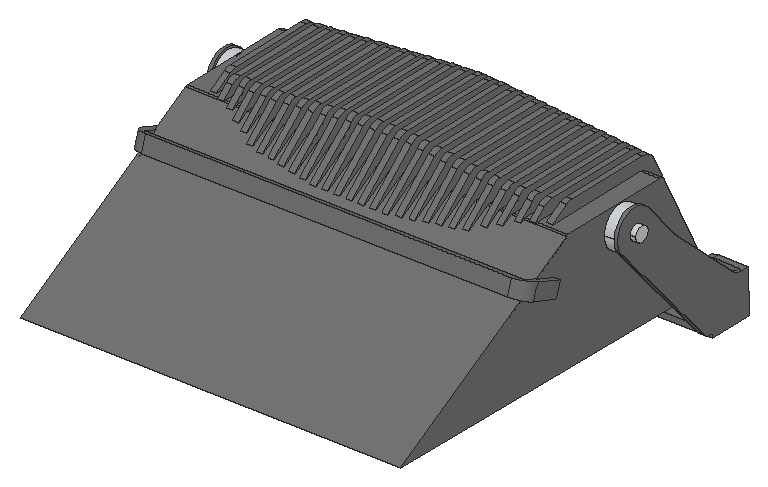
Revit family "Thorn CHAMPION", category Lighting Fixtures, host Face, Revit 2016
Family settings
  Host = Face
  Part Type = Normal
  Round Connector Dimension = Use Diameter
  OmniClass Number = 23.80.70.11
  OmniClass Title = Luminaries for Internal Lighting
  Cut with Voids When Loaded = No
  Light Source = Yes
  Shared = No
  Room Calculation Point = No
Parameters (values of type "CHAMPION 264L-740 V2 VSR ANT")
  Width = 692.00 mm
  Wattage = 778.238 W
  built-in parameter 1150110 = 1 (stored number, unit not read)
  Voltage = 230 V  # constant formula
  URL = "http://www.thornlighting.com/96633216"
  Type Comments = "© Thorn. We reserve the right to make technical changes without prior notice."  # constant formula
  built-in parameter 1114217 = 1 (stored number, unit not read)
  Tilt Angle = 0.00°
  built-in parameter 1150109 = 1 (stored number, unit not read)
  built-in parameter 1150134 = 12
  built-in parameter 1150113 = 1 (stored number, unit not read)
  Reflector [instance] = ZG_Reflector_SI
  Photometric Web File = "96633216_(1200mA).IES"
  Model = "96633216"
  Manufacturer = "Thorn Lighting"  # constant formula
  built-in parameter 1150105 = 232358 (stored number, unit not read)
  Lumens = 115601 lm
  built-in parameter 1150115 = 1 (stored number, unit not read)
  built-in parameter 1150137 = (empty or 0)
  built-in parameter 1150139 = (empty or 0)
  Length = 707.00 mm
  built-in parameter 1150112 = 1 (stored number, unit not read)
  built-in parameter 1150114 = 1 (stored number, unit not read)
  Lamp = "LED"
  built-in parameter 1150132 = 2
  built-in parameter 1150102 = (empty or 0)
  built-in parameter 1150107 = 4000 (stored number, unit not read)
  built-in parameter 1150138 = (empty or 0)
  built-in parameter 1150106 = 2323.6 (stored number, unit not read)
  Height = 309.00 mm
  built-in parameter 1150104 = 13.8 (stored number, unit not read)
  Dimming Lamp Color Temperature Shift = <None>
  Description = "LED flootlight"  # constant formula
  Color Filter = 16777215
  Body [instance] = ZG_Metal_Black
  built-in parameter 1114218 = 1 (stored number, unit not read)
  built-in parameter 1150133 = 10 (stored number, unit not read)
  Apparent Load = 939 VA
  Default Elevation = 0.00 mm
  Assembly Code = "D5020200"
Types (4, lengths in mm): name | Width | Wattage | URL | Photometric Web File | Model | built-in parameter 1150105 | Lumens | built-in parameter 1150106 | Height
  CHAMPION 264L-740 V2 VSR ANT | 692.00 | 778.238 W | "http://www.thornlighting.com/96633216" | "96633216_(1200mA).IES" | "96633216" | 232358 (stored number, unit not read) | 115601 lm | 2323.6 (stored number, unit not read) | 309.00
  CHAMPION 264L-740 V1 VSP ANT | 688.00 | 758.735 W | "http://www.thornlighting.com/92917406" | "92917406_(1200mA).IES" | "92917406" | 226535 (stored number, unit not read) | 112704 lm | 2265.4 (stored number, unit not read) | 315.00
  CHAMPION 264L-740 V2 VSP ANT | 688.00 | 744.806 W | "http://www.thornlighting.com/96633302" | "96633302_(1200mA).IES" | "96633302" | 228870.6 (stored number, unit not read) | 110635 lm | 2288.7 (stored number, unit not read) | 315.00
  CHAMPION 264L-740 V3 VSP ANT | 694.00 | 738.31 W | "http://www.thornlighting.com/96633301" | "96633301_(1200mA).IES" | "96633301" | 229484.5 (stored number, unit not read) | 109670 lm | 2294.8 (stored number, unit not read) | 315.00
Reference planes
  plane 1: z = 0
  plane 2 "Center (Left/Right)": x = 0
  plane 3 "Rotation Axis": y = 0
  plane 4: z = 229.335
  plane 5 "Left": x = -353.5
  plane 6 "Right": x = 353.5
  plane 7 "Center (Front/Back)": y = 197.613
  plane 8 "Light Source Axis H": z = 63.955
  plane 9 "Light Source Axis V": y = -138.422
Forms (mm)
  Extrusion 1, solid, material "ZG_Metal_Black" <- "Body"
    sketch origin (-353.5, 0, 0) x (0, 1, 0) y (0, 0, 1)
      loop
        line (224.72, 10) -> (224.72, 73.353) -> (222.098, 73.353)
        arc (222.098, 73.353) -> (211.372, 75.336) -> (202.065, 81.022) r 30
        line (202.065, 81.022) -> (82.024, 188.71)
        arc (82.024, 188.71) -> (79.638, 190.997) -> (77.407, 193.438) r 50
        line (77.407, 193.438) -> (24.956, 254.792)
        arc (24.956, 254.792) -> (-25.108, 255.613) -> (-27.57, 205.602) r 36.001
        line (-27.57, 205.602) -> (139.65, 14.87)
        arc (139.65, 14.87) -> (148.129, 8.58) -> (158.448, 6.351) r 25
        line (158.448, 6.351) -> (160.506, 6.351) -> (160.506, 10) -> (224.72, 10)
    from 11 to 17
  Extrusion 2, solid, material "ZG_Metal_Black" <- "Body"
    sketch origin (353.5, 0, 0) x (0, 1, 0) y (0, 0, -1)
      loop
        line (224.72, -10) -> (160.506, -10) -> (160.506, -6.351) -> (158.448, -6.351)
        arc (158.448, -6.351) -> (148.129, -8.58) -> (139.65, -14.87) r 25
        line (139.65, -14.87) -> (-27.57, -205.602)
        arc (-27.57, -205.602) -> (-25.108, -255.613) -> (24.956, -254.792) r 36.001
        line (24.956, -254.792) -> (77.407, -193.438)
        arc (77.407, -193.438) -> (79.638, -190.997) -> (82.024, -188.71) r 50
        line (82.024, -188.71) -> (202.065, -81.022)
        arc (202.065, -81.022) -> (211.372, -75.336) -> (222.098, -73.353) r 30
        line (222.098, -73.353) -> (224.72, -73.353) -> (224.72, -10)
    from 11 to 17
  Extrusion 3, solid, material "ZG_Metal_Black" <- "Body"
    sketch origin (0, 234.72, 0) x (0, 0, 1) y (-1, 0, 0)
      loop
        line (73.353, -342.5) -> (73.353, -292.855)
        arc (73.353, -292.855) -> (71.45, -283.288) -> (66.031, -275.178) r 25
        line (66.031, -275.178) -> (32.322, -241.469)
        arc (32.322, -241.469) -> (26.903, -233.359) -> (25, -223.792) r 25
        line (25, -223.792) -> (25, 223.792)
        arc (25, 223.792) -> (26.903, 233.359) -> (32.322, 241.469) r 25
        line (32.322, 241.469) -> (66.031, 275.178)
        arc (66.031, 275.178) -> (71.45, 283.288) -> (73.353, 292.855) r 25
        line (73.353, 292.855) -> (73.353, 342.5) -> (10, 342.5) -> (10, -342.5) -> (73.353, -342.5)
    from 0 to 10
  Extrusion 4, solid, material "ZG_Metal_Black" <- "Body"
    sketch origin (0, 0, 0) x (1, 0, 0) y (0, 1, 0)
      loop
        line (-342.5, 234.72) -> (-342.5, 160.506) -> (342.5, 160.506) -> (342.5, 234.72) -> (-342.5, 234.72)
      loop
        circle (0, 197.613) r 11
      loop
        circle (50, 197.613) r 11
      loop
        circle (100, 197.613) r 7.5
      loop
        circle (-50, 197.613) r 11
      loop
        circle (-100, 197.613) r 7.5
    from 0 to 10
  Extrusion 5, solid
    sketch origin (-353.5, 0, 0) x (0, 1, 0) y (0, 0, 1)
      loop
        circle (-0.5, 229.335) r 12
    from 0 to 11
  Extrusion 6, solid
    sketch origin (-336.5, 0, 0) x (0, 1, 0) y (0, 0, 1)
      loop
        circle (-0.5, 229.335) r 34
    from 0 to 19.475
  Extrusion 7, solid
    sketch origin (353.5, 0, 0) x (0, 1, 0) y (0, 0, -1)
      loop
        circle (-0.5, -229.335) r 12
    from 0 to 11
  Extrusion 8, solid
    sketch origin (336.5, 0, 0) x (0, 1, 0) y (0, 0, -1)
      loop
        circle (-0.5, -229.335) r 34
    from 0 to 19.475
Cuts and joins
  joined: Extrusion 1, Extrusion 2, Extrusion 3, Extrusion 4
Dimensions and locks
  aligned and locked: plane 1 to host face
  aligned and locked: level to host face
Nested families
  nested 1: "Thorn CHAMPION Body" at (0, 0, 229.335), Body <- "Body", Reflector <- "Reflector", type "Thorn CHAMPION Body"
    with Reflector ZG_Reflector_SI, Body ZG_Metal_Black
Connectors
  electrical at (0, 197.613, 0), driven by "Voltage", driven by "Apparent Load"
    settings: on cut or joined group of Extrusion 1, Extrusion 2, Extrusion 3, Extrusion 4, index 1, voltage 230 V, apparent load 0 VA, apparent load phase1 939 VA, apparent load phase2 0 VA, apparent load phase3 0 VA, power factor 1, load classification "Lighting", number of poles 1, system type 31, power factor state 1, is connector primary yes, connector utility no, sub classification motor no, connector description "Power"
Definition of nested family "Thorn CHAMPION Body"
  Parameters (values of type "Thorn CHAMPION Body")
    Reflector [instance] = none
    Default Elevation = 0.00 mm
    Body [instance] = none
  Reference planes
    plane 1 "Light Source Axis (F/B)": y = 0
    plane 2: z = 0
    plane 3 "Light Source Axis (L/R)": x = 0
    plane 4 "Light Source Elevation": z = 0
  Forms (mm)
    Extrusion 1, solid, material <- "Body"
      sketch origin (0, 0, 0) x (0, 1, 0) y (0, 0, 1)
        loop
          line (82.293, 34.156) -> (-107.144, 34.156)
          arc (-107.144, 34.156) -> (-109.676, 33.83) -> (-112.043, 32.873) r 10
          line (-112.043, 32.873) -> (-175.023, -2.522) -> (-456.585, -160.763) -> (-450.616, -160.85) -> (-171.691, -4.091) -> (181.456, -170.334) -> (181.456, -147.891) -> (91.197, 28.707)
          arc (91.197, 28.707) -> (87.512, 32.685) -> (82.293, 34.156) r 10
      from -314.025 to 314.025
    Extrusion 2, solid, material <- "Body", detail levels fine
      sketch origin (0, -30.344, -83.369) x (0, 0.939693, -0.34202) y (-1, 0, 0)
        loop
          line (-200.899, 304.519) -> (-200.899, -304.519)
          arc (-200.899, -304.519) -> (-193.577, -322.197) -> (-175.899, -329.519) r 25
          line (-175.899, -329.519) -> (-127.893, -329.519) -> (-127.893, -317.025) -> (-188.399, -317.025) -> (-188.399, 317.025) -> (-127.893, 317.025) -> (-127.893, 329.519) -> (-175.899, 329.519)
          arc (-175.899, 329.519) -> (-193.577, 322.197) -> (-200.899, 304.519) r 25
      from 0 to 26.488
    Extrusion 3, solid, material <- "Body"
      sketch origin (-317.025, 0, 0) x (0, 1, 0) y (0, 0, 1)
        loop
          line (181.456, -147.891) -> (91.197, 28.707)
          arc (91.197, 28.707) -> (87.512, 32.685) -> (82.293, 34.156) r 10
          line (82.293, 34.156) -> (-107.144, 34.156)
          arc (-107.144, 34.156) -> (-109.676, 33.83) -> (-112.043, 32.873) r 10
          line (-112.043, 32.873) -> (-456.585, -160.763) -> (181.456, -170.008) -> (181.456, -147.891)
      from 0 to 3
    Extrusion 4, solid, material <- "Body"
      sketch origin (317.025, 0, 0) x (0, 1, 0) y (0, 0, -1)
        loop
          line (181.456, 147.891) -> (181.456, 170.008) -> (-456.585, 160.763) -> (-112.043, -32.873)
          arc (-112.043, -32.873) -> (-109.676, -33.83) -> (-107.144, -34.156) r 10
          line (-107.144, -34.156) -> (82.293, -34.156)
          arc (82.293, -34.156) -> (87.512, -32.685) -> (91.197, -28.707) r 10
          line (91.197, -28.707) -> (181.456, 147.891)
      from 0 to 3
    Extrusion 5, solid, material <- "Body", detail levels fine
      sketch origin (-280, 0, 0) x (0, 1, 0) y (0, 0, 1)
        loop
          line (87.739, 54.253) -> (-58.309, 54.253)
          arc (-58.309, 54.253) -> (-64.64, 53.438) -> (-70.558, 51.047) r 25
          line (-70.558, 51.047) -> (-100.612, 34.156) -> (82.293, 34.156)
          arc (82.293, 34.156) -> (87.512, 32.685) -> (91.197, 28.707) r 10
          line (91.197, 28.707) -> (178.135, -141.394) -> (180.205, -104.216)
          arc (180.205, -104.216) -> (179.703, -97.653) -> (177.505, -91.449) r 25
          line (177.505, -91.449) -> (110, 40.63)
          arc (110, 40.63) -> (100.788, 50.577) -> (87.739, 54.253) r 25
      from -5 to 5
    Extrusion 6, solid, material <- "Body", detail levels fine
      sketch origin (-260, 0, 0) x (0, 1, 0) y (0, 0, 1)
        loop
          line (88.159, 55.628) -> (-75.721, 55.628)
          arc (-75.721, 55.628) -> (-84.435, 54.06) -> (-92.057, 49.552) r 25
          line (-92.057, 49.552) -> (-110.612, 33.535)
          arc (-110.612, 33.535) -> (-108.906, 33.999) -> (-107.144, 34.156) r 10
          line (-107.144, 34.156) -> (82.293, 34.156)
          arc (82.293, 34.156) -> (87.512, 32.685) -> (91.197, 28.707) r 10
          line (91.197, 28.707) -> (178.135, -141.394) -> (180.316, -102.235)
          arc (180.316, -102.235) -> (179.813, -95.672) -> (177.615, -89.467) r 25
          line (177.615, -89.467) -> (110.42, 42.005)
          arc (110.42, 42.005) -> (101.208, 51.952) -> (88.159, 55.628) r 25
      from -5 to 5
    Extrusion 7, solid, material <- "Body", detail levels fine
      sketch origin (-240, 0, 0) x (0, 1, 0) y (0, 0, 1)
        loop
          line (88.434, 57.286) -> (-76.382, 57.286)
          arc (-76.382, 57.286) -> (-85.096, 55.718) -> (-92.718, 51.211) r 25
          line (-92.718, 51.211) -> (-117.539, 29.785) -> (-112.043, 32.873)
          arc (-112.043, 32.873) -> (-109.676, 33.83) -> (-107.144, 34.156) r 10
          line (-107.144, 34.156) -> (82.293, 34.156)
          arc (82.293, 34.156) -> (87.512, 32.685) -> (91.197, 28.707) r 10
          line (91.197, 28.707) -> (178.135, -141.394) -> (180.426, -100.253)
          arc (180.426, -100.253) -> (179.923, -93.69) -> (177.726, -87.486) r 25
          line (177.726, -87.486) -> (110.695, 43.664)
          arc (110.695, 43.664) -> (101.484, 53.61) -> (88.434, 57.286) r 25
      from -5 to 5
    Extrusion 8, solid, material <- "Body", detail levels fine
      sketch origin (-220, 0, 0) x (0, 1, 0) y (0, 0, 1)
        loop
          line (88.847, 58.676) -> (-78.785, 58.676)
          arc (-78.785, 58.676) -> (-87.499, 57.108) -> (-95.121, 52.6) r 25
          line (-95.121, 52.6) -> (-129.039, 23.322) -> (-112.043, 32.873)
          arc (-112.043, 32.873) -> (-109.676, 33.83) -> (-107.144, 34.156) r 10
          line (-107.144, 34.156) -> (82.293, 34.156)
          arc (82.293, 34.156) -> (87.512, 32.685) -> (91.197, 28.707) r 10
          line (91.197, 28.707) -> (178.135, -141.394) -> (180.536, -98.272)
          arc (180.536, -98.272) -> (180.034, -91.709) -> (177.836, -85.505) r 25
          line (177.836, -85.505) -> (111.108, 45.053)
          arc (111.108, 45.053) -> (101.896, 55) -> (88.847, 58.676) r 25
      from -5 to 5
    Extrusion 9, solid, material <- "Body", detail levels fine
      sketch origin (-200, 0, 0) x (0, 1, 0) y (0, 0, 1)
        loop
          line (89.198, 60.186) -> (-80.152, 60.186)
          arc (-80.152, 60.186) -> (-88.866, 58.618) -> (-96.487, 54.111) r 25
          line (-96.487, 54.111) -> (-137.97, 18.302) -> (-112.043, 32.873)
          arc (-112.043, 32.873) -> (-109.676, 33.83) -> (-107.144, 34.156) r 10
          line (-107.144, 34.156) -> (82.293, 34.156)
          arc (82.293, 34.156) -> (87.512, 32.685) -> (91.197, 28.707) r 10
          line (91.197, 28.707) -> (178.135, -141.394) -> (180.647, -96.29)
          arc (180.647, -96.29) -> (180.144, -89.728) -> (177.946, -83.523) r 25
          line (177.946, -83.523) -> (111.459, 46.564)
          arc (111.459, 46.564) -> (102.247, 56.51) -> (89.198, 60.186) r 25
      from -5 to 5
    Extrusion 10, solid, material <- "Body", detail levels fine
      sketch origin (-180, 0, 0) x (0, 1, 0) y (0, 0, 1)
        loop
          line (89.56, 61.675) -> (-82.726, 61.675)
          arc (-82.726, 61.675) -> (-91.44, 60.107) -> (-99.062, 55.6) r 25
          line (-99.062, 55.6) -> (-150.292, 11.377) -> (-112.043, 32.873)
          arc (-112.043, 32.873) -> (-109.676, 33.83) -> (-107.144, 34.156) r 10
          line (-107.144, 34.156) -> (82.293, 34.156)
          arc (82.293, 34.156) -> (87.512, 32.685) -> (91.197, 28.707) r 10
          line (91.197, 28.707) -> (178.135, -141.394) -> (180.757, -94.309)
          arc (180.757, -94.309) -> (180.254, -87.746) -> (178.056, -81.542) r 25
          line (178.056, -81.542) -> (111.821, 48.053)
          arc (111.821, 48.053) -> (102.609, 57.999) -> (89.56, 61.675) r 25
      from -5 to 5
    Extrusion 11, solid, material <- "Body", detail levels fine
      sketch origin (-160, 0, 0) x (0, 1, 0) y (0, 0, 1)
        loop
          line (89.94, 63.129) -> (-82.563, 63.129)
          arc (-82.563, 63.129) -> (-91.277, 61.561) -> (-98.899, 57.053) r 25
          line (-98.899, 57.053) -> (-154.651, 8.927) -> (-112.043, 32.873)
          arc (-112.043, 32.873) -> (-109.676, 33.83) -> (-107.144, 34.156) r 10
          line (-107.144, 34.156) -> (82.293, 34.156)
          arc (82.293, 34.156) -> (87.512, 32.685) -> (91.197, 28.707) r 10
          line (91.197, 28.707) -> (178.135, -141.394) -> (180.867, -92.328)
          arc (180.867, -92.328) -> (180.365, -85.765) -> (178.167, -79.56) r 25
          line (178.167, -79.56) -> (112.201, 49.506)
          arc (112.201, 49.506) -> (102.99, 59.453) -> (89.94, 63.129) r 25
      from -5 to 5
    Extrusion 12, solid, material <- "Body", detail levels fine
      sketch origin (-140, 0, 0) x (0, 1, 0) y (0, 0, 1)
        loop
          line (90.332, 64.559) -> (-81.482, 64.559)
          arc (-81.482, 64.559) -> (-90.197, 62.991) -> (-97.818, 58.483) r 25
          line (-97.818, 58.483) -> (-156.302, 8) -> (-112.043, 32.873)
          arc (-112.043, 32.873) -> (-109.676, 33.83) -> (-107.144, 34.156) r 10
          line (-107.144, 34.156) -> (82.293, 34.156)
          arc (82.293, 34.156) -> (87.512, 32.685) -> (91.197, 28.707) r 10
          line (91.197, 28.707) -> (178.135, -141.394) -> (180.977, -90.346)
          arc (180.977, -90.346) -> (180.475, -83.783) -> (178.277, -77.579) r 25
          line (178.277, -77.579) -> (112.593, 50.936)
          arc (112.593, 50.936) -> (103.382, 60.883) -> (90.332, 64.559) r 25
      from -5 to 5
    Extrusion 13, solid, material <- "Body", detail levels fine
      sketch origin (-120, 0, 0) x (0, 1, 0) y (0, 0, 1)
        loop
          line (90.757, 65.926) -> (-81.031, 65.926)
          arc (-81.031, 65.926) -> (-89.745, 64.358) -> (-97.367, 59.85) r 25
          line (-97.367, 59.85) -> (-159.547, 6.176) -> (-112.043, 32.873)
          arc (-112.043, 32.873) -> (-109.676, 33.83) -> (-107.144, 34.156) r 10
          line (-107.144, 34.156) -> (82.293, 34.156)
          arc (82.293, 34.156) -> (87.512, 32.685) -> (91.197, 28.707) r 10
          line (91.197, 28.707) -> (178.135, -141.394) -> (181.088, -88.365)
          arc (181.088, -88.365) -> (180.585, -81.802) -> (178.387, -75.597) r 25
          line (178.387, -75.597) -> (113.018, 52.303)
          arc (113.018, 52.303) -> (103.806, 62.25) -> (90.757, 65.926) r 25
      from -5 to 5
    Extrusion 14, solid, material <- "Body", detail levels fine
      sketch origin (-100, 0, 0) x (0, 1, 0) y (0, 0, 1)
        loop
          line (91.121, 67.412) -> (-80.519, 67.412)
          arc (-80.519, 67.412) -> (-89.233, 65.843) -> (-96.855, 61.336) r 25
          line (-96.855, 61.336) -> (-163.012, 4.228) -> (-112.043, 32.873)
          arc (-112.043, 32.873) -> (-109.676, 33.83) -> (-107.144, 34.156) r 10
          line (-107.144, 34.156) -> (82.293, 34.156)
          arc (82.293, 34.156) -> (87.512, 32.685) -> (91.197, 28.707) r 10
          line (91.197, 28.707) -> (178.135, -141.394) -> (181.198, -86.383)
          arc (181.198, -86.383) -> (180.696, -79.82) -> (178.498, -73.616) r 25
          line (178.498, -73.616) -> (113.382, 53.789)
          arc (113.382, 53.789) -> (104.17, 63.736) -> (91.121, 67.412) r 25
      from -5 to 5
    Extrusion 15, solid, material <- "Body", detail levels fine
      sketch origin (-80, 0, 0) x (0, 1, 0) y (0, 0, 1)
        loop
          line (91.321, 69.216) -> (-79.222, 69.216)
          arc (-79.222, 69.216) -> (-87.937, 67.648) -> (-95.558, 63.141) r 25
          line (-95.558, 63.141) -> (-165.289, 2.948) -> (-112.043, 32.873)
          arc (-112.043, 32.873) -> (-109.676, 33.83) -> (-107.144, 34.156) r 10
          line (-107.144, 34.156) -> (82.293, 34.156)
          arc (82.293, 34.156) -> (87.512, 32.685) -> (91.197, 28.707) r 10
          line (91.197, 28.707) -> (178.135, -141.394) -> (181.308, -84.402)
          arc (181.308, -84.402) -> (180.806, -77.839) -> (178.608, -71.634) r 25
          line (178.608, -71.634) -> (113.582, 55.594)
          arc (113.582, 55.594) -> (104.37, 65.541) -> (91.321, 69.216) r 25
      from -5 to 5
    Extrusion 16, solid, material <- "Body", detail levels fine
      sketch origin (-60, 0, 0) x (0, 1, 0) y (0, 0, 1)
        loop
          line (91.697, 70.678) -> (-78.583, 70.678)
          arc (-78.583, 70.678) -> (-87.297, 69.11) -> (-94.919, 64.602) r 25
          line (-94.919, 64.602) -> (-168.309, 1.252) -> (-112.043, 32.873)
          arc (-112.043, 32.873) -> (-109.676, 33.83) -> (-107.144, 34.156) r 10
          line (-107.144, 34.156) -> (82.293, 34.156)
          arc (82.293, 34.156) -> (87.512, 32.685) -> (91.197, 28.707) r 10
          line (91.197, 28.707) -> (178.135, -141.394) -> (181.419, -82.42)
          arc (181.419, -82.42) -> (180.916, -75.857) -> (178.718, -69.653) r 25
          line (178.718, -69.653) -> (113.958, 57.055)
          arc (113.958, 57.055) -> (104.746, 67.002) -> (91.697, 70.678) r 25
      from -5 to 5
    Extrusion 17, solid, material <- "Body", detail levels fine
      sketch origin (-40, 0, 0) x (0, 1, 0) y (0, 0, 1)
        loop
          line (92.055, 72.174) -> (-76.849, 72.174)
          arc (-76.849, 72.174) -> (-85.564, 70.606) -> (-93.185, 66.099) r 25
          line (-93.185, 66.099) -> (-168.309, 1.252) -> (-112.043, 32.873)
          arc (-112.043, 32.873) -> (-109.676, 33.83) -> (-107.144, 34.156) r 10
          line (-107.144, 34.156) -> (82.293, 34.156)
          arc (82.293, 34.156) -> (87.512, 32.685) -> (91.197, 28.707) r 10
          line (91.197, 28.707) -> (178.135, -141.394) -> (181.529, -80.439)
          arc (181.529, -80.439) -> (181.027, -73.876) -> (178.829, -67.672) r 25
          line (178.829, -67.672) -> (114.316, 58.552)
          arc (114.316, 58.552) -> (105.105, 68.499) -> (92.055, 72.174) r 25
      from -5 to 5
    Extrusion 18, solid, material <- "Body", detail levels fine
      sketch origin (-20, 0, 0) x (0, 1, 0) y (0, 0, 1)
        loop
          line (93.178, 72.174) -> (-76.849, 72.174)
          arc (-76.849, 72.174) -> (-85.564, 70.606) -> (-93.185, 66.099) r 25
          line (-93.185, 66.099) -> (-168.309, 1.252) -> (-112.043, 32.873)
          arc (-112.043, 32.873) -> (-109.676, 33.83) -> (-107.144, 34.156) r 10
          line (-107.144, 34.156) -> (82.293, 34.156)
          arc (82.293, 34.156) -> (87.512, 32.685) -> (91.197, 28.707) r 10
          line (91.197, 28.707) -> (178.135, -141.394) -> (181.639, -78.457)
          arc (181.639, -78.457) -> (181.137, -71.894) -> (178.939, -65.69) r 25
          line (178.939, -65.69) -> (115.439, 58.552)
          arc (115.439, 58.552) -> (106.228, 68.499) -> (93.178, 72.174) r 25
      from -5 to 5
    Extrusion 19, solid, material <- "Body", detail levels fine
      sketch origin (0, 0, 0) x (0, 1, 0) y (0, 0, 1)
        loop
          line (94.301, 72.174) -> (-76.849, 72.174)
          arc (-76.849, 72.174) -> (-85.564, 70.606) -> (-93.185, 66.099) r 25
          line (-93.185, 66.099) -> (-168.309, 1.252) -> (-112.043, 32.873)
          arc (-112.043, 32.873) -> (-109.676, 33.83) -> (-107.144, 34.156) r 10
          line (-107.144, 34.156) -> (82.293, 34.156)
          arc (82.293, 34.156) -> (87.512, 32.685) -> (91.197, 28.707) r 10
          line (91.197, 28.707) -> (178.135, -141.394) -> (181.75, -76.476)
          arc (181.75, -76.476) -> (181.247, -69.913) -> (179.049, -63.709) r 25
          line (179.049, -63.709) -> (116.562, 58.552)
          arc (116.562, 58.552) -> (107.351, 68.499) -> (94.301, 72.174) r 25
      from -5 to 5
    Extrusion 20, solid, material <- "Body", detail levels fine
      sketch origin (280, 0, 0) x (0, 1, 0) y (0, 0, -1)
        loop
          arc (87.739, -54.253) -> (100.788, -50.577) -> (110, -40.63) r 25
          line (110, -40.63) -> (177.505, 91.449)
          arc (177.505, 91.449) -> (179.703, 97.653) -> (180.205, 104.216) r 25
          line (180.205, 104.216) -> (178.135, 141.394) -> (91.197, -28.707)
          arc (91.197, -28.707) -> (87.512, -32.685) -> (82.293, -34.156) r 10
          line (82.293, -34.156) -> (-100.612, -34.156) -> (-70.558, -51.047)
          arc (-70.558, -51.047) -> (-64.64, -53.438) -> (-58.309, -54.253) r 25
          line (-58.309, -54.253) -> (87.739, -54.253)
      from -5 to 5
    Extrusion 21, solid, material <- "Body", detail levels fine
      sketch origin (260, 0, 0) x (0, 1, 0) y (0, 0, -1)
        loop
          arc (88.159, -55.628) -> (101.208, -51.952) -> (110.42, -42.005) r 25
          line (110.42, -42.005) -> (177.615, 89.467)
          arc (177.615, 89.467) -> (179.813, 95.672) -> (180.316, 102.235) r 25
          line (180.316, 102.235) -> (178.135, 141.394) -> (91.197, -28.707)
          arc (91.197, -28.707) -> (87.512, -32.685) -> (82.293, -34.156) r 10
          line (82.293, -34.156) -> (-107.144, -34.156)
          arc (-107.144, -34.156) -> (-108.906, -33.999) -> (-110.612, -33.535) r 10
          line (-110.612, -33.535) -> (-92.057, -49.552)
          arc (-92.057, -49.552) -> (-84.435, -54.06) -> (-75.721, -55.628) r 25
          line (-75.721, -55.628) -> (88.159, -55.628)
      from -5 to 5
    Extrusion 22, solid, material <- "Body", detail levels fine
      sketch origin (240, 0, 0) x (0, 1, 0) y (0, 0, -1)
        loop
          arc (88.434, -57.286) -> (101.484, -53.61) -> (110.695, -43.664) r 25
          line (110.695, -43.664) -> (177.726, 87.486)
          arc (177.726, 87.486) -> (179.923, 93.69) -> (180.426, 100.253) r 25
          line (180.426, 100.253) -> (178.135, 141.394) -> (91.197, -28.707)
          arc (91.197, -28.707) -> (87.512, -32.685) -> (82.293, -34.156) r 10
          line (82.293, -34.156) -> (-107.144, -34.156)
          arc (-107.144, -34.156) -> (-109.676, -33.83) -> (-112.043, -32.873) r 10
          line (-112.043, -32.873) -> (-117.539, -29.785) -> (-92.718, -51.211)
          arc (-92.718, -51.211) -> (-85.096, -55.718) -> (-76.382, -57.286) r 25
          line (-76.382, -57.286) -> (88.434, -57.286)
      from -5 to 5
    Extrusion 23, solid, material <- "Body", detail levels fine
      sketch origin (220, 0, 0) x (0, 1, 0) y (0, 0, -1)
        loop
          arc (88.847, -58.676) -> (101.896, -55) -> (111.108, -45.053) r 25
          line (111.108, -45.053) -> (177.836, 85.505)
          arc (177.836, 85.505) -> (180.034, 91.709) -> (180.536, 98.272) r 25
          line (180.536, 98.272) -> (178.135, 141.394) -> (91.197, -28.707)
          arc (91.197, -28.707) -> (87.512, -32.685) -> (82.293, -34.156) r 10
          line (82.293, -34.156) -> (-107.144, -34.156)
          arc (-107.144, -34.156) -> (-109.676, -33.83) -> (-112.043, -32.873) r 10
          line (-112.043, -32.873) -> (-129.039, -23.322) -> (-95.121, -52.6)
          arc (-95.121, -52.6) -> (-87.499, -57.108) -> (-78.785, -58.676) r 25
          line (-78.785, -58.676) -> (88.847, -58.676)
      from -5 to 5
    Extrusion 24, solid, material <- "Body", detail levels fine
      sketch origin (200, 0, 0) x (0, 1, 0) y (0, 0, -1)
        loop
          arc (89.198, -60.186) -> (102.247, -56.51) -> (111.459, -46.564) r 25
          line (111.459, -46.564) -> (177.946, 83.523)
          arc (177.946, 83.523) -> (180.144, 89.728) -> (180.647, 96.29) r 25
          line (180.647, 96.29) -> (178.135, 141.394) -> (91.197, -28.707)
          arc (91.197, -28.707) -> (87.512, -32.685) -> (82.293, -34.156) r 10
          line (82.293, -34.156) -> (-107.144, -34.156)
          arc (-107.144, -34.156) -> (-109.676, -33.83) -> (-112.043, -32.873) r 10
          line (-112.043, -32.873) -> (-137.97, -18.302) -> (-96.487, -54.111)
          arc (-96.487, -54.111) -> (-88.866, -58.618) -> (-80.152, -60.186) r 25
          line (-80.152, -60.186) -> (89.198, -60.186)
      from -5 to 5
    Extrusion 25, solid, material <- "Body", detail levels fine
      sketch origin (180, 0, 0) x (0, 1, 0) y (0, 0, -1)
        loop
          arc (89.56, -61.675) -> (102.609, -57.999) -> (111.821, -48.053) r 25
          line (111.821, -48.053) -> (178.056, 81.542)
          arc (178.056, 81.542) -> (180.254, 87.746) -> (180.757, 94.309) r 25
          line (180.757, 94.309) -> (178.135, 141.394) -> (91.197, -28.707)
          arc (91.197, -28.707) -> (87.512, -32.685) -> (82.293, -34.156) r 10
          line (82.293, -34.156) -> (-107.144, -34.156)
          arc (-107.144, -34.156) -> (-109.676, -33.83) -> (-112.043, -32.873) r 10
          line (-112.043, -32.873) -> (-150.292, -11.377) -> (-99.062, -55.6)
          arc (-99.062, -55.6) -> (-91.44, -60.107) -> (-82.726, -61.675) r 25
          line (-82.726, -61.675) -> (89.56, -61.675)
      from -5 to 5
    Extrusion 26, solid, material <- "Body", detail levels fine
      sketch origin (160, 0, 0) x (0, 1, 0) y (0, 0, -1)
        loop
          arc (89.94, -63.129) -> (102.99, -59.453) -> (112.201, -49.506) r 25
          line (112.201, -49.506) -> (178.167, 79.56)
          arc (178.167, 79.56) -> (180.365, 85.765) -> (180.867, 92.328) r 25
          line (180.867, 92.328) -> (178.135, 141.394) -> (91.197, -28.707)
          arc (91.197, -28.707) -> (87.512, -32.685) -> (82.293, -34.156) r 10
          line (82.293, -34.156) -> (-107.144, -34.156)
          arc (-107.144, -34.156) -> (-109.676, -33.83) -> (-112.043, -32.873) r 10
          line (-112.043, -32.873) -> (-154.651, -8.927) -> (-98.899, -57.053)
          arc (-98.899, -57.053) -> (-91.277, -61.561) -> (-82.563, -63.129) r 25
          line (-82.563, -63.129) -> (89.94, -63.129)
      from -5 to 5
    Extrusion 27, solid, material <- "Body", detail levels fine
      sketch origin (140, 0, 0) x (0, 1, 0) y (0, 0, -1)
        loop
          arc (90.332, -64.559) -> (103.382, -60.883) -> (112.593, -50.936) r 25
          line (112.593, -50.936) -> (178.277, 77.579)
          arc (178.277, 77.579) -> (180.475, 83.783) -> (180.977, 90.346) r 25
          line (180.977, 90.346) -> (178.135, 141.394) -> (91.197, -28.707)
          arc (91.197, -28.707) -> (87.512, -32.685) -> (82.293, -34.156) r 10
          line (82.293, -34.156) -> (-107.144, -34.156)
          arc (-107.144, -34.156) -> (-109.676, -33.83) -> (-112.043, -32.873) r 10
          line (-112.043, -32.873) -> (-156.302, -8) -> (-97.818, -58.483)
          arc (-97.818, -58.483) -> (-90.197, -62.991) -> (-81.482, -64.559) r 25
          line (-81.482, -64.559) -> (90.332, -64.559)
      from -5 to 5
    Extrusion 28, solid, material <- "Body", detail levels fine
      sketch origin (120, 0, 0) x (0, 1, 0) y (0, 0, -1)
        loop
          arc (90.757, -65.926) -> (103.806, -62.25) -> (113.018, -52.303) r 25
          line (113.018, -52.303) -> (178.387, 75.597)
          arc (178.387, 75.597) -> (180.585, 81.802) -> (181.088, 88.365) r 25
          line (181.088, 88.365) -> (178.135, 141.394) -> (91.197, -28.707)
          arc (91.197, -28.707) -> (87.512, -32.685) -> (82.293, -34.156) r 10
          line (82.293, -34.156) -> (-107.144, -34.156)
          arc (-107.144, -34.156) -> (-109.676, -33.83) -> (-112.043, -32.873) r 10
          line (-112.043, -32.873) -> (-159.547, -6.176) -> (-97.367, -59.85)
          arc (-97.367, -59.85) -> (-89.745, -64.358) -> (-81.031, -65.926) r 25
          line (-81.031, -65.926) -> (90.757, -65.926)
      from -5 to 5
    Extrusion 29, solid, material <- "Body", detail levels fine
      sketch origin (100, 0, 0) x (0, 1, 0) y (0, 0, -1)
        loop
          arc (91.121, -67.412) -> (104.17, -63.736) -> (113.382, -53.789) r 25
          line (113.382, -53.789) -> (178.498, 73.616)
          arc (178.498, 73.616) -> (180.696, 79.82) -> (181.198, 86.383) r 25
          line (181.198, 86.383) -> (178.135, 141.394) -> (91.197, -28.707)
          arc (91.197, -28.707) -> (87.512, -32.685) -> (82.293, -34.156) r 10
          line (82.293, -34.156) -> (-107.144, -34.156)
          arc (-107.144, -34.156) -> (-109.676, -33.83) -> (-112.043, -32.873) r 10
          line (-112.043, -32.873) -> (-163.012, -4.228) -> (-96.855, -61.336)
          arc (-96.855, -61.336) -> (-89.233, -65.843) -> (-80.519, -67.412) r 25
          line (-80.519, -67.412) -> (91.121, -67.412)
      from -5 to 5
    Extrusion 30, solid, material <- "Body", detail levels fine
      sketch origin (80, 0, 0) x (0, 1, 0) y (0, 0, -1)
        loop
          arc (91.321, -69.216) -> (104.37, -65.541) -> (113.582, -55.594) r 25
          line (113.582, -55.594) -> (178.608, 71.634)
          arc (178.608, 71.634) -> (180.806, 77.839) -> (181.308, 84.402) r 25
          line (181.308, 84.402) -> (178.135, 141.394) -> (91.197, -28.707)
          arc (91.197, -28.707) -> (87.512, -32.685) -> (82.293, -34.156) r 10
          line (82.293, -34.156) -> (-107.144, -34.156)
          arc (-107.144, -34.156) -> (-109.676, -33.83) -> (-112.043, -32.873) r 10
          line (-112.043, -32.873) -> (-165.289, -2.948) -> (-95.558, -63.141)
          arc (-95.558, -63.141) -> (-87.937, -67.648) -> (-79.222, -69.216) r 25
          line (-79.222, -69.216) -> (91.321, -69.216)
      from -5 to 5
    Extrusion 31, solid, material <- "Body", detail levels fine
      sketch origin (60, 0, 0) x (0, 1, 0) y (0, 0, -1)
        loop
          arc (91.697, -70.678) -> (104.746, -67.002) -> (113.958, -57.055) r 25
          line (113.958, -57.055) -> (178.718, 69.653)
          arc (178.718, 69.653) -> (180.916, 75.857) -> (181.419, 82.42) r 25
          line (181.419, 82.42) -> (178.135, 141.394) -> (91.197, -28.707)
          arc (91.197, -28.707) -> (87.512, -32.685) -> (82.293, -34.156) r 10
          line (82.293, -34.156) -> (-107.144, -34.156)
          arc (-107.144, -34.156) -> (-109.676, -33.83) -> (-112.043, -32.873) r 10
          line (-112.043, -32.873) -> (-168.309, -1.252) -> (-94.919, -64.602)
          arc (-94.919, -64.602) -> (-87.297, -69.11) -> (-78.583, -70.678) r 25
          line (-78.583, -70.678) -> (91.697, -70.678)
      from -5 to 5
    Extrusion 32, solid, material <- "Body", detail levels fine
      sketch origin (40, 0, 0) x (0, 1, 0) y (0, 0, -1)
        loop
          arc (92.055, -72.174) -> (105.105, -68.499) -> (114.316, -58.552) r 25
          line (114.316, -58.552) -> (178.829, 67.672)
          arc (178.829, 67.672) -> (181.027, 73.876) -> (181.529, 80.439) r 25
          line (181.529, 80.439) -> (178.135, 141.394) -> (91.197, -28.707)
          arc (91.197, -28.707) -> (87.512, -32.685) -> (82.293, -34.156) r 10
          line (82.293, -34.156) -> (-107.144, -34.156)
          arc (-107.144, -34.156) -> (-109.676, -33.83) -> (-112.043, -32.873) r 10
          line (-112.043, -32.873) -> (-168.309, -1.252) -> (-93.185, -66.099)
          arc (-93.185, -66.099) -> (-85.564, -70.606) -> (-76.849, -72.174) r 25
          line (-76.849, -72.174) -> (92.055, -72.174)
      from -5 to 5
    Extrusion 33, solid, material <- "Body", detail levels fine
      sketch origin (20, 0, 0) x (0, 1, 0) y (0, 0, -1)
        loop
          arc (93.178, -72.174) -> (106.228, -68.499) -> (115.439, -58.552) r 25
          line (115.439, -58.552) -> (178.939, 65.69)
          arc (178.939, 65.69) -> (181.137, 71.894) -> (181.639, 78.457) r 25
          line (181.639, 78.457) -> (178.135, 141.394) -> (91.197, -28.707)
          arc (91.197, -28.707) -> (87.512, -32.685) -> (82.293, -34.156) r 10
          line (82.293, -34.156) -> (-107.144, -34.156)
          arc (-107.144, -34.156) -> (-109.676, -33.83) -> (-112.043, -32.873) r 10
          line (-112.043, -32.873) -> (-168.309, -1.252) -> (-93.185, -66.099)
          arc (-93.185, -66.099) -> (-85.564, -70.606) -> (-76.849, -72.174) r 25
          line (-76.849, -72.174) -> (93.178, -72.174)
      from -5 to 5
    Extrusion 34, solid, material <- "Body", detail levels coarse+medium
      sketch origin (40, 0, 0) x (0, 1, 0) y (0, 0, -1)
        loop
          line (107.354, -72.174) -> (181.905, 73.69) -> (178.135, 141.394) -> (91.197, -28.707)
          arc (91.197, -28.707) -> (87.512, -32.685) -> (82.293, -34.156) r 10
          line (82.293, -34.156) -> (-107.144, -34.156)
          arc (-107.144, -34.156) -> (-109.676, -33.83) -> (-112.043, -32.873) r 10
          line (-112.043, -32.873) -> (-168.309, -1.252) -> (-86.147, -72.174) -> (107.354, -72.174)
      from -245 to 325
  Cuts and joins
    joined: Extrusion 1, Extrusion 3, Extrusion 4
  Lines and regions (mm)
    model lines, detail levels fine
      curve 1: line (0, -214.636, -16.292) -> (0, -207.201, 4.134)
  Dimensions and locks
    aligned and locked: level to plane 2
